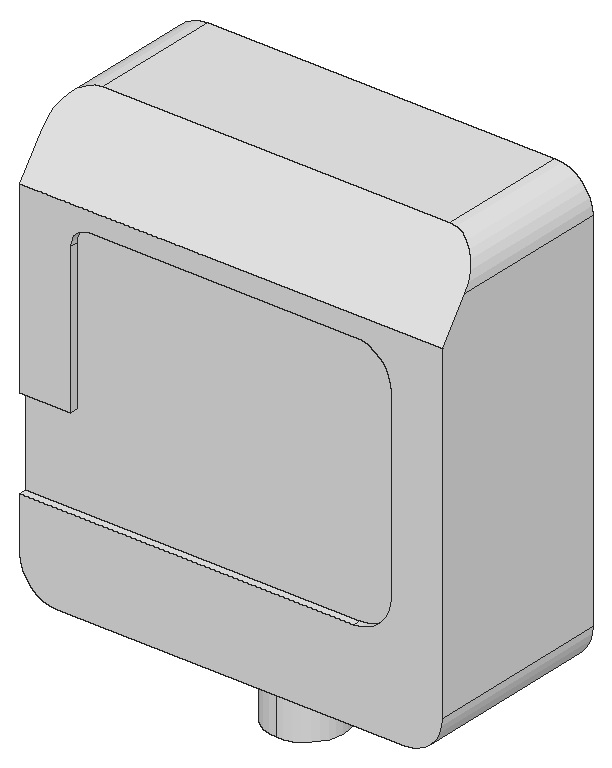
Revit family "Control_Unit-Lutron-Vive_PowPak_Module", category Lighting Devices, host Face, Revit 2017
Family settings
  Host = Face
  Maintain Annotation Orientation = Yes
  Round Connector Dimension = Use Radius
  Part Type = Normal
  OmniClass Number = 23.85.80.11.27
  OmniClass Title = Lighting Controls
  Cut with Voids When Loaded = No
  Shared = No
  Room Calculation Point = No
Parameters (values of type "RMJS-8T-DV-B")
  Warranty URL = "http://www.lutron.com/en-US/Service-Support/Pages/Service/Warranty/Warranty.aspx"
  Voltage = 120 V
  Video Link = "https://www.youtube.com/user/LutronElectronicsInc"
  Version = "2017 - v1.0b"  # constant formula
  URL = "http://www.lutron.com"
  Type Comments = ""
  Support Phone = "(224) 699-9545"  # constant formula
  Support Email = "mailto: support@anguleris.com"
  Series = "Energi TriPak"
  Product Page URL = "http://www.lutron.com/en-US/Products/Pages/WholeBuildingSystems/Vive/Overview.aspx"
  Product Name = "Wireless Lighting Control"
  Product Documentation Link = "http://www.lutron.com/TechnicalDocumentLibrary/369913_ENG.pdf"
  Power = 1 W
  Performance URL = "http://www.lutron.com/en-US/Service-Support/Pages/Technical/PerfomanceSpecs.aspx"
  Overall Width = 0' - 2.82"
  Overall Height = 0' - 3.48"
  Overall Depth = 0' - 1 1/4"
  Number of Poles = 1
  Model = "RMJS-8T-DV-B"
  Minimum Operating Temperature = 32 °F
  Maximum Operating Temperature = 104 °F
  Manufacturer Phone Number = "610-282-3800"  # constant formula
  Manufacturer Fax Number = "610-282-1243"  # constant formula
  Manufacturer Email = "mailto:support@lutron.com"
  Manufacturer Address = "7200 Suter Rd, Coopersburg, PA 18036"  # constant formula
  Manufacturer = "Lutron Electronics Co., Inc"  # constant formula
  Label 2 = 2
  Label 1 = "8T"
  Keynote = ""
  Instruction Sheet Link = "http://www.lutron.com/en-US/Products/Pages/WholeBuildingSystems/Vive/Overview.aspx"
  Front Panel Right Edge = 0' - 0.34"
  Front Panel Left Edge = 0' - 0.34"
  Edge Radius = 0' - 0 1/4"
  Device Material = Plastic - Lutron - White
  Description = "Vive PowPak Dimming Module with 0-10 V Control"
  Default Elevation = 0' - 0"
  Front Panel Cutout Offset = 0' - 0.578"
  Current = 0.06 A
  Cost Info = "mailto:sales@lutron.com"
  Cost = 0
  Copyright = "© 2019 Lutron Electronics Co., Inc."  # constant formula
  Connection Knob Radius = Connection Knob Diameter / 2  # 0' - 0 1/4"
  Connection Knob Diameter = 0' - 0 1/2"
  Connection Knob = 0' - 0.52"
  Capacity = 0.06 A
  Bracket Width = 0' - 0 1/4"
  Bracket Thickness = 0' - 0.0313"
  Bracket Offset = 0' - 0 47/256"
  Assembly Code = "D5020200"
Reference planes (in)
  plane 1 "Center (Front/Back)": y = 0
  plane 2: z = 0
  plane 3 "Center (Left/Right)": x = 0
  plane 4: z = -0.52
  plane 5: z = 0
  plane 6: y = -0.625
  plane 7: y = 0.625
  plane 8: y = -0.578
  plane 9: x = 1.41016
  plane 10: x = -1.41016
  plane 11: x = 1.41
  plane 12: x = -1.41
  plane 13: z = -0.51953
  plane 14: z = 0
  plane 15: z = 2.96047
  plane 16: z = 1.76367
  plane 17: z = 1.51367
  plane 18: z = 2.01367
  plane 19: y = 0.4768
  plane 20: y = -0.625
  plane 21: y = -0.57813
  plane 22: y = 0.625
  plane 23: z = 2.64487
  plane 24: z = 2.32927
  plane 25: z = 0.9082
  plane 26: z = 0.60547
  plane 27: z = 0.30273
  plane 28: z = 1.21094
  plane 29: x = -1.07016
  plane 30: x = 1.07016
  plane 31: x = -0.94516
  plane 32: x = 0.82016
  plane 33: z = 2.20427
  plane 34: z = 2.07927
  plane 35: z = 0.85547
  plane 36: y = -0.25
  plane 37: z = 2.46047
  plane 38: z = 3.02297
  plane 39: y = -0.6875
Forms (in)
  Sweep 1, solid, material "Plastic - Lutron - White"
    path origin (0, 0, 0) x (1, 0, 0) y (0, 0, 1)
      loop
        line (0, 0) -> (0, -0.52)
    profile origin (0, 0, -0.26) x (0, -1, 0) y (1, 0, 0)
      loop
        circle (0, 0) r 0.25
  Sweep 2, solid, material "Plastic - Lutron - White"
    path origin (0, 0, 0) x (1, 0, 0) y (0, 1, 0)
      loop
        line (0, 0.625) -> (0, -0.625)
    profile origin (0, 0, 0) x (1, 0, 0) y (0, 0, 1)
      loop
        line (-1.41016, 2.71047) -> (-1.41016, 0.25)
        arc (-1.41016, 0.25) -> (-1.33693, 0.07322) -> (-1.16016, 0) r 0.25
        line (-1.16016, 0) -> (1.16016, 0)
        arc (1.16016, 0) -> (1.33693, 0.07322) -> (1.41016, 0.25) r 0.25
        line (1.41016, 0.25) -> (1.41016, 2.71047)
        arc (1.41016, 2.71047) -> (1.33693, 2.88725) -> (1.16016, 2.96047) r 0.25
        line (1.16016, 2.96047) -> (-1.16016, 2.96047)
        arc (-1.16016, 2.96047) -> (-1.33693, 2.88725) -> (-1.41016, 2.71047) r 0.25
  Sweep 3, void
    path origin (0, 0, 0) x (1, 0, 0) y (0, 1, 0)
      loop
        line (0, -0.578) -> (0, -0.625)
    profile origin (0, -0.6015, 0) x (1, 0, 0) y (0, 0, 1)
      loop
        arc (-0.94516, 2.32927) -> (-1.03354, 2.29266) -> (-1.07016, 2.20427) r 0.125
        line (-1.07016, 2.20427) -> (-1.07016, 1.21094) -> (-1.41016, 1.21094) -> (-1.41016, 0.60547) -> (0.82016, 0.60547)
        arc (0.82016, 0.60547) -> (0.99693, 0.67869) -> (1.07016, 0.85547) r 0.25
        line (1.07016, 0.85547) -> (1.07016, 2.07927)
        arc (1.07016, 2.07927) -> (0.99693, 2.25605) -> (0.82016, 2.32927) r 0.25
        line (0.82016, 2.32927) -> (-0.94516, 2.32927)
  Sweep 4, void
    path origin (0, 0, 0) x (1, 0, 0) y (0, 0, 1)
      loop
        line (-1.41016, 2.96047) -> (1.41016, 2.96047)
    profile origin (0, 0, 2.96047) x (0, 0, 1) y (0, -1, 0)
      loop
        line (-0.5, 0.625) -> (0, 0.25) -> (0.0625, 0.25) -> (0.0625, 0.6875) -> (-0.5, 0.6875) -> (-0.5, 0.625)
Cuts and joins
  Sweep 3, Sweep 4 cuts Sweep 2
Lines and regions (in)
  Masking region 1, detail levels fine
    outline origin (1.41016, -0.625, 48) x (1, 0, 0) y (0, 0, 1)
      loop
        line (-2.82031, -45.03953) -> (-2.82031, -48) -> (0, -48) -> (0, -45.03953) -> (-2.82031, -45.03953)
  Masking region 2, detail levels fine
    outline origin (-1.41, -180, 10.93549) x (0, 0, 1) y (0, -1, 0)
      loop
        line (-7.97502, -180.625) -> (-7.97502, -179.375) -> (-10.93549, -179.375) -> (-10.93549, -180.625) -> (-7.97502, -180.625)
Dimensions and locks (in)
  "Connection Knob": plane 5 to plane 4
  locked: profile plane to Sweep 1 sketch curve at 0
  locked: profile plane to Sweep 1 sketch curve
  equal spacing: plane 7, plane 1 "Center (Front/Back)", plane 6
  locked: plane 6 to plane 7 at 1.25
  "Front Panel Cutout Offset": plane 8 to plane 1 "Center (Front/Back)"
  equal spacing: plane 18, plane 16, plane 17
  equal spacing: plane 11, plane 3 "Center (Left/Right)", plane 12
  equal spacing: plane 9, plane 3 "Center (Left/Right)", plane 10
  "Overall Height": plane 15 to plane 13
  "Overall Depth": plane 20 to plane 22
  "Overall Width": plane 11 to plane 12
  equal spacing: plane 15, plane 23, plane 24, plane 18
  equal spacing: plane 17, plane 28, plane 25, plane 26, plane 27, plane 14
  equal spacing: plane 30, plane 3 "Center (Left/Right)", plane 29
  "Front Panel Left Edge": plane 29 to plane 10
  locked: plane 32 to plane 30 at 0.25
  locked: plane 31 to plane 29 at 0.125
  locked: plane 24 to plane 33 at 0.125
  locked: plane 24 to plane 34 at 0.25
  locked: plane 35 to plane 26 at 0.25
  locked: plane 36 to plane 20 at 0.375
  locked: plane 15 to plane 37 at 0.5
  locked: plane 38 to plane 15 at 0.0625
  locked: plane 20 to plane 39 at 0.0625
  "Connection Knob Radius": radius of Sweep 1 sketch curve
  "Edge Radius": radius of Sweep 2 sketch curve
  aligned and locked: plane 2 to host face
  aligned and locked: level to host face
  aligned and locked: level to plane 5
  aligned and locked: plane 4 to Sweep 1 sketch curve
  aligned and locked: plane 5 to Sweep 1 sketch curve
  aligned and locked: Sweep 1 sketch curve to plane 3 "Center (Left/Right)"
  aligned and locked: plane 7 to Sweep 2 sketch curve
  aligned and locked: plane 6 to Sweep 2 sketch curve
  aligned and locked: Sweep 2 sketch curve to plane 3 "Center (Left/Right)"
  aligned and locked: Sweep 2 sketch curve to Sweep 2 sketch curve  (x3)
  aligned and locked: host face to Sweep 2 sketch curve
  aligned and locked: Sweep 2 to Sweep 3 sketch curve
  aligned and locked: plane 8 to Sweep 3 sketch curve
  aligned and locked: Sweep 3 sketch curve to plane 3 "Center (Left/Right)"
  aligned and locked: plane 14 to level
  aligned and locked: plane 15 to cut or joined group of Sweep 2, Sweep 3, Sweep 4
  aligned and locked: plane 14 to Sweep 1
  aligned and locked: Sweep 1 to plane 13
  aligned and locked: Sweep 4 sketch curve to plane 15
  aligned and locked: plane 9 to Sweep 4 sketch curve
  aligned and locked: plane 10 to Sweep 4 sketch curve
  aligned and locked: plane 22 to cut or joined group of Sweep 2, Sweep 3, Sweep 4
  aligned and locked: plane 31 to Sweep 3 sketch curve
  aligned and locked: plane 33 to Sweep 3 sketch curve
  aligned and locked: plane 32 to Sweep 3 sketch curve  (x2)
  aligned and locked: plane 24 to Sweep 3 sketch curve
  aligned and locked: plane 34 to Sweep 3 sketch curve
  aligned and locked: plane 30 to Sweep 3 sketch curve  (x2)
  aligned and locked: plane 26 to Sweep 3 sketch curve  (x2)
  aligned and locked: plane 35 to Sweep 3 sketch curve
  aligned and locked: Sweep 3 sketch curve to plane 24
  aligned and locked: plane 28 to Sweep 3 sketch curve
  aligned and locked: Sweep 3 sketch curve to plane 29
  aligned and locked: plane 29 to Sweep 3 sketch curve
  aligned and locked: plane 10 to Sweep 3 sketch curve  (x2)
  aligned and locked: Sweep 3 sketch curve to plane 28
  aligned and locked: plane 36 to Sweep 4 sketch curve  (x2)
  aligned and locked: plane 37 to Sweep 4 sketch curve
  aligned and locked: plane 15 to Sweep 4 sketch curve
  aligned and locked: plane 38 to Sweep 4 sketch curve
  aligned and locked: plane 20 to Sweep 4 sketch curve
  aligned and locked: Sweep 4 sketch curve to plane 39
  aligned and locked: Sweep 2 sketch curve to plane 15
  aligned and locked: plane 14 to Sweep 2 sketch curve
  aligned and locked: Sweep 2 sketch curve to plane 10
  aligned and locked: Sweep 2 sketch curve to plane 9
  aligned and locked: plane 1 "Center (Front/Back)" to nested 1
  aligned and locked: plane 3 "Center (Left/Right)" to nested 1
  aligned and locked: Masking region 1 sketch curve to plane 9
  aligned and locked: Masking region 1 sketch curve to plane 15
  aligned and locked: plane 10 to Masking region 1 sketch curve
  aligned and locked: Masking region 1 sketch curve to plane 14
  aligned and locked: Masking region 2 sketch curve to plane 20
  aligned and locked: plane 22 to Masking region 2 sketch curve
  aligned and locked: plane 2 to Masking region 2 sketch curve
  aligned and locked: Masking region 2 sketch curve to plane 15
Automatic sketch dimensions
  host sketch curve to host sketch curve = 8' - 0"  (x2)
  level to Sweep 2 sketch curve = 0' - 0 1/4"  (x2)
  Sweep 2 sketch curve to profile plane = 0' - 1 41/256"
Nested families (in)
  nested 1: "Lutron_Lighting_Relay_2_Way_Radio_Annotation" at (0, 0, 0), type "Lutron_Lighting_Relay_Annotation", detail levels coarse+medium
Connectors (in)
  electrical at (0, 0.625, 1.48023), driven by "Voltage"
    settings: on cut or joined group of Sweep 2, Sweep 3, Sweep 4, index 1, voltage 120 V, apparent load 0 VA, apparent load phase1 0 VA, apparent load phase2 0 VA, apparent load phase3 0 VA, power factor 1, load classification "Lighting", number of poles 1, system type 30, power factor state 1, is connector primary yes, connector utility no, sub classification motor no, connector description ""
  electrical at (0, 0, 0)
    settings: on Sweep 1, index 2, voltage 0 V, apparent load 0 VA, apparent load phase1 0 VA, apparent load phase2 0 VA, apparent load phase3 0 VA, power factor 1, load classification "Other", number of poles 1, system type 13, power factor state 1, is connector primary no, connector utility no, sub classification motor no, connector description "Lighting Control Connection"
Definition of nested family "Lutron_Lighting_Relay_2_Way_Radio_Annotation"
  Parameters (values of type "Lutron_Lighting_Relay_Annotation")
    Label = "16R"
  Reference planes (in)
    plane 1: y = 0
    plane 2: x = 0
  Lines and regions (in)
    Filled region 1, type "Filled region 1"
      outline origin (0.02883, -0.02731, 0) x (0.707107, -0.707107, 0) y (0.707107, 0.707107, 0)
        loop
          line (0.04949, 0.28359) -> (0.0812, 0.28359) -> (0.06379, 0.32092) -> (0.04949, 0.28359)
    Filled region 2, type "Filled region 1"
      outline origin (0.4852, 0.16232, 0) x (-0.707107, 0.707107, 0) y (-0.707107, -0.707107, 0)
        loop
          line (0.04949, 0.28359) -> (0.0812, 0.28359) -> (0.06379, 0.32092) -> (0.04949, 0.28359)
    detail lines, not visible
      curve 1: line (0, 0.125, 0) -> (0, 0, 0)
    reference lines
      curve 2: line (0, 0.0625, 0) -> (-0.11983, 0.0625, 0)
      curve 3: line (0.10095, -0.04722, 0) -> (0.10095, 0.09386, 0)
      curve 4: line (0.10095, -0.04722, 0) -> (0.28349, -0.04722, 0)
      curve 5: line (0.10095, 0.04579, 0) -> (0.31014, 0.04579, 0)
    detail lines
      curve 6: line (0.19012, 0.02558, 0) -> (0.1673, 0.03169, 0)
      curve 7: line (0.17947, 0.0653, 0) -> (0.19012, 0.02558, 0)
      curve 8: line (0.17947, 0.0653, 0) -> (0.22623, 0.05277, 0)
      curve 9: line (0.2137, 0.09953, 0) -> (0.22623, 0.05277, 0)
      curve 10: line (0.2137, 0.09953, 0) -> (0.26046, 0.087, 0)
      curve 11: line (0.25043, 0.12446, 0) -> (0.26046, 0.087, 0)
      curve 12: line (0.27324, 0.11834, 0) -> (0.25043, 0.12446, 0)
      curve 13: line (0.32392, 0.10943, 0) -> (0.34673, 0.10332, 0)
      curve 14: line (0.33456, 0.06971, 0) -> (0.32392, 0.10943, 0)
      curve 15: line (0.33456, 0.06971, 0) -> (0.2878, 0.08224, 0)
      curve 16: line (0.30033, 0.03548, 0) -> (0.2878, 0.08224, 0)
      curve 17: line (0.30033, 0.03548, 0) -> (0.25357, 0.04801, 0)
      curve 18: line (0.26361, 0.01055, 0) -> (0.25357, 0.04801, 0)
      curve 19: line (0.24079, 0.01667, 0) -> (0.26361, 0.01055, 0)
      curve 20: line (-0.15637, 0.15183, 0) -> (0.15896, 0.15183, 0)
      curve 21: line (-0.15637, -0.14274, 0) -> (-0.15637, 0.15183, 0)
      curve 22: line (0.15896, -0.14274, 0) -> (-0.15637, -0.14274, 0)
      curve 23: line (0.15896, 0.15183, 0) -> (0.15896, -0.14274, 0)
  Text (in)
    label "16R" at (0.00317, -0.00983, 0), shows "Label"
  Dimensions and locks (in)
    locked: curve 4 to curve 5 at 0.09301
    locked: curve 1 to curve 3 at 0.10095
    curve 1 to curve 1 = 0' - 0 1/8"
    locked: plane 1 to curve 2 at 0.0625
    aligned and locked: curve 1 to curve 2
    aligned and locked: plane 1 to curve 1
    aligned and locked: curve 1 to plane 2
    aligned and locked: plane 2 to curve 1
